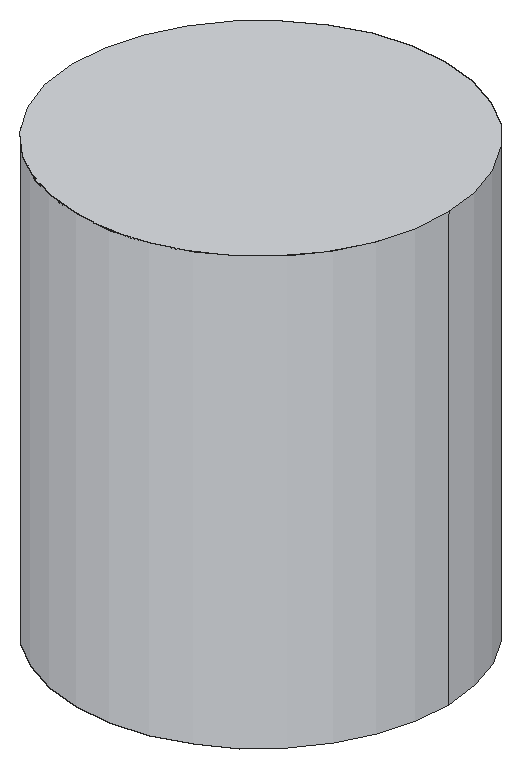
Revit family "Ёмкость", category Оборудование, Revit 2025
Family settings
  Размер круглого соединителя = Использовать диаметр
  Классификация = Нет
  Тип детали = Нормальный
  На основе рабочей плоскости = Нет
  Всегда вертикально = Да
  При загрузке вырезать с полостями = Нет
  Сохранять ориентацию аннотаций = Нет
  Общий = Да
  Точка принадлежности помещению = Нет
Parameters
  Отметка по умолчанию = 0 mm
Reference planes
  plane 1 "По центру (Вперед/Назад)": y = 0
  plane 2: z = 0
  plane 3 "По центру (Влево/Вправо)": x = 0
Forms (mm)
  Extrusion 1, solid
    sketch origin (0, 0, 0) x (1, 0, 0) y (0, 1, 0)
      loop
        circle (0, 0) r 1195
    from 0 to 2800
Dimensions and locks
  aligned and locked: level to plane 2
